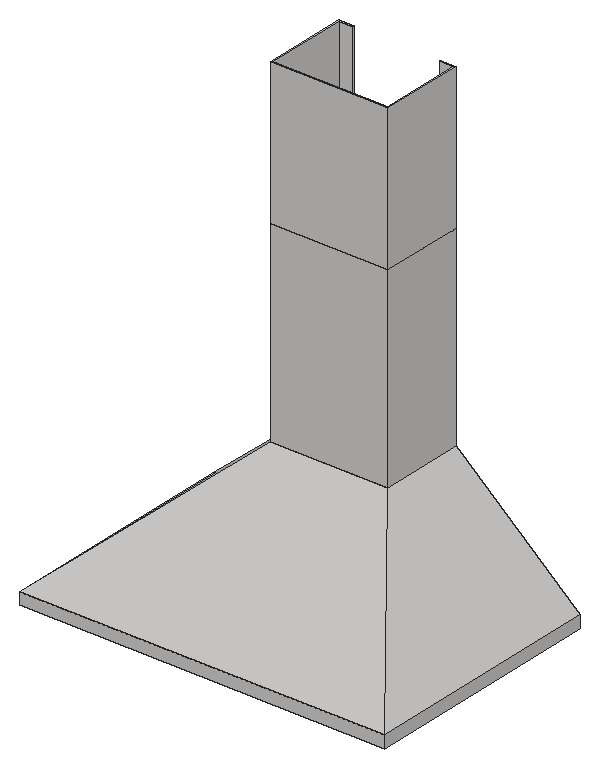
Revit family "Qf_Summit_SEH1530SS_30 inches Wide Wall-Mounted Range Hood", category Specialty Equipment, Revit 2020
Family settings
  Round Connector Dimension = Use Diameter
  Part Type = Normal
  Work Plane-Based = No
  Always vertical = Yes
  Cut with Voids When Loaded = No
  Shared = No
  Room Calculation Point = No
Parameters
  Weight in Pounds = 40
  Watts = FL Amps * Volts  # 299 W
  Volts = 115 V
  Ventilation Remarks = ""
  URL Cutsheet = ""
  Specification by User = ""
  Specification by Manufacturer = ""
  Show Clearance [instance] = yes
  Show Casters [instance] = yes
  Serial Number = ""
  Seismic Rating = ""
  SMACNA No = ""
  Revision Code = ""
  Phase = 1
  Number of Poles = 1
  NAFEM Spec ID Number = ""
  Model = "SEH1530SS"
  Min Ckt Ampacity = 0 A
  Max Overcurrent Protection = 0 A
  Masterspec = ""
  Manufacturer = "Summit"
  MU Air Volume = 0 CFM
  Length = 29 1/2"
  Item Number = ""
  Installed By = ""
  Identify Quantity as Lot = yes
  Height = 37 1/4"
  HP = ""
  Furnished By = ""
  Foodservice Equipment Identifier = yes
  FL Amps = 2.6 A
  Exhaust Volume = 200 CFM
  Exhaust Vent Width = 9 1/2"
  Exhaust Vent Diameter = 0"
  Exhaust Vent Depth = 6 7/8"
  Exhaust Static Press = 0.00 in-wg
  Exhaust RI Height = 0"
  Electrical Remarks = ""
  Electric Connection Type = ""
  Elec Conn RI Height = 0"
  Elec Conn Connection Height = 0"
  Description = "30\" Wide Wall-Mounted Range Hood"
  Depth = 19 11/16"
  Default Elevation = 0"
  Cycle = 60 Hz
  Conn Plug = ""
  Conn Conduit = yes
  CSI MasterFormat = ""
  Base Height [instance] = 3/4"
  Apparent Power = 828 VA
Reference planes (in)
  plane 1: z = 0
  plane 2 "LEFT": x = 0
  plane 3 "RIGHT": x = 29.5
  plane 4 "FRONT": y = -20.4375
  plane 5 "TOP": z = 37.25
  plane 6 "Center Y": x = 14.75
  plane 7 "Center X": y = -10.59375
  plane 8 "BACK": y = -0.75
  plane 9: z = 25.5
  plane 10: z = 9.75
  plane 11: y = -7.625
  plane 12: x = 10
  plane 13: x = 19.5
  plane 14: z = 1
Forms (in)
  Extrusion 1, solid, material "QF_Metal_Stainless_Polished"
    sketch origin (0, 0, 0) x (1, 0, 0) y (0, 1, 0)
      loop
        line (10, -0.75) -> (10, -7.625) -> (19.5, -7.625) -> (19.5, -0.75) -> (18.27149, -0.75) -> (18.27149, -0.875) -> (19.375, -0.875) -> (19.375, -7.5) -> (10.125, -7.5) -> (10.125, -0.875) -> (11.22851, -0.875) -> (11.22851, -0.75) -> (10, -0.75)
    from 25.5 to 37.25
  Extrusion 2, solid, material "QF_Metal_Stainless_Polished"
    sketch origin (0, 0, 51) x (0, -1, 0) y (1, 0, 0)
      loop
        line (0.75, 10) -> (7.625, 10) -> (7.625, 19.5) -> (0.75, 19.5) -> (0.75, 10)
    from -41.25 to -25.5
  Blend 3, solid, material "QF_Metal_Stainless_Polished"
    base sketch origin (0, 0, 0) x (1, 0, 0) y (0, 1, 0)
      loop
        line (0, -0.75) -> (0, -20.4375) -> (29.5, -20.4375) -> (29.5, -0.75) -> (0, -0.75)
    top sketch origin (0, 0, 0) x (1, 0, 0) y (0, 1, 0)
      loop
        line (10, -0.75) -> (10, -7.625) -> (19.5, -7.625) -> (19.5, -0.75) -> (10, -0.75)
    from 1 to 9.75
  Extrusion 4, solid, material "QF_Metal_Stainless_Polished"
    sketch origin (0, 0, 0) x (1, 0, 0) y (0, 1, 0)
      loop
        line (0, -0.75) -> (0, -20.4375) -> (29.5, -20.4375) -> (29.5, -0.75) -> (0, -0.75)
      loop
        line (2, -18.4375) -> (27.5, -18.4375) -> (27.5, -2.75) -> (2, -2.75) -> (2, -18.4375)
    from 0 to 1
  Extrusion 5, solid, material "QF_Metal_Stainless_Polished"
    sketch origin (10, -0.75, 51) x (1, 0, 0) y (0, 0, -1)
      loop
        circle (4.75, 40.16486) r 0.25
    from 0 to 0.06876
  Extrusion 6, solid, material "QF_Metal_Stainless_Polished"
    sketch origin (0, 0, 0) x (1, 0, 0) y (0, 1, 0)
      loop
        line (2.125, -2.875) -> (2.125, -18.3125) -> (27.375, -18.3125) -> (27.375, -2.875) -> (2.125, -2.875)
      loop
        line (14.34099, -3.29819) -> (2.68231, -3.29819) -> (2.68231, -15.52861) -> (6.32415, -15.52861) -> (6.32415, -14.27861) -> (10.57415, -14.27861) -> (10.57415, -15.52861) -> (14.34099, -15.52861) -> (14.34099, -3.29819)
      loop
        line (15.15901, -3.29819) -> (15.15901, -15.52861) -> (18.92585, -15.52861) -> (18.92585, -14.27861) -> (23.17585, -14.27861) -> (23.17585, -15.52861) -> (26.81769, -15.52861) -> (26.81769, -3.29819) -> (15.15901, -3.29819)
    from 0 to 1
  Extrusion 7, solid, material "QF_Plastic_White_Smooth"
    sketch origin (0, 0, 0) x (1, 0, 0) y (0, 1, 0)
      loop
        line (2.55731, -3.17319) -> (2.55731, -15.52861) -> (6.32415, -15.52861) -> (6.32415, -14.27861) -> (10.57415, -14.27861) -> (10.57415, -15.52861) -> (14.34099, -15.52861) -> (14.34099, -3.17319) -> (2.55731, -3.17319)
      loop
        line (15.15901, -15.52861) -> (18.92585, -15.52861) -> (18.92585, -14.27861) -> (23.17585, -14.27861) -> (23.17585, -15.52861) -> (26.94269, -15.52861) -> (26.94269, -3.17319) -> (15.15901, -3.17319) -> (15.15901, -15.52861)
    from 0 to 1
Cuts and joins
  joined: Extrusion 2, Extrusion 5
Lines and regions (in)
  Split face 1
    outline origin (0, 0, 0) x (1, 0, 0) y (0, 1, 0)
      loop
        line (12.375, -16.30806) -> (12.375, -17.49556) -> (17.125, -17.49556) -> (17.125, -16.30806) -> (12.375, -16.30806)
  Split face 2
    outline origin (-6, 0, 0) x (1, 0, 0) y (0, 1, 0)
      loop
        line (13.125, -14.72055) -> (13.125, -15.34414) -> (15.625, -15.34414) -> (15.625, -14.72055) -> (13.125, -14.72055)
  Split face 3
    outline origin (35.5, 0, 0) x (0, 1, 0) y (-1, 0, 0)
      loop
        line (-14.72055, 13.125) -> (-14.72055, 15.625) -> (-15.34414, 15.625) -> (-15.34414, 13.125) -> (-14.72055, 13.125)
  Split face 4
    outline origin (0, 0, 0) x (1, 0, 0) y (0, 1, 0)
      loop
        spline (10.48146, -1.75916) -> (10.44099, -1.56505) -> (10.32236, -1.38416) -> (10.13364, -1.22883) -> (9.88771, -1.10964) -> (9.6013, -1.03472) -> (9.29396, -1.00916) -> (8.98661, -1.03472) -> (8.70021, -1.10964) -> (8.45427, -1.22883) -> (8.26555, -1.38416) -> (8.14692, -1.56505) -> (8.10646, -1.75916)
        spline (8.10646, -1.75916) -> (8.14692, -1.95328) -> (8.26555, -2.13416) -> (8.45427, -2.28949) -> (8.70021, -2.40868) -> (8.98661, -2.48361) -> (9.29396, -2.50916) -> (9.6013, -2.48361) -> (9.88771, -2.40868) -> (10.13364, -2.28949) -> (10.32236, -2.13416) -> (10.44099, -1.95328) -> (10.48146, -1.75916)
  Split face 5
    outline origin (29.5, 0, 0) x (0, 1, 0) y (-1, 0, 0)
      loop
        spline (-1.75916, 10.48146) -> (-1.95328, 10.44099) -> (-2.13416, 10.32236) -> (-2.28949, 10.13364) -> (-2.40868, 9.88771) -> (-2.48361, 9.6013) -> (-2.50916, 9.29396) -> (-2.48361, 8.98661) -> (-2.40868, 8.70021) -> (-2.28949, 8.45427) -> (-2.13416, 8.26555) -> (-1.95328, 8.14692) -> (-1.75916, 8.10646)
        spline (-1.75916, 8.10646) -> (-1.56505, 8.14692) -> (-1.38416, 8.26555) -> (-1.22883, 8.45427) -> (-1.10964, 8.70021) -> (-1.03472, 8.98661) -> (-1.00916, 9.29396) -> (-1.03472, 9.6013) -> (-1.10964, 9.88771) -> (-1.22883, 10.13364) -> (-1.38416, 10.32236) -> (-1.56505, 10.44099) -> (-1.75916, 10.48146)
  symbolic lines, style "SpecialityEquipment"
    curve 1: line (0, -20.4375, 0) -> (0, -0.75, 0)
    curve 2: line (0, -0.75, 0) -> (29.5, -0.75, 0)
    curve 3: line (29.5, -0.75, 0) -> (29.5, -20.4375, 0)
    curve 4: line (29.5, -20.4375, 0) -> (0, -20.4375, 0)
    curve 5: line (0, -20.4375, 0) -> (10, -7.625, 0)
    curve 6: line (29.5, -20.4375, 0) -> (19.5, -7.625, 0)
    curve 7: line (10, -7.625, 0) -> (19.5, -7.625, 0)
    curve 8: line (19.5, -7.625, 0) -> (19.5, -0.75, 0)
    curve 9: line (19.5, -0.75, 0) -> (18.27149, -0.75, 0)
    curve 10: line (18.27149, -0.75, 0) -> (18.27149, -0.875, 0)
    curve 11: line (18.27149, -0.875, 0) -> (19.375, -0.875, 0)
    curve 12: line (19.375, -0.875, 0) -> (19.375, -7.5, 0)
    curve 13: line (19.375, -7.5, 0) -> (10.125, -7.5, 0)
    curve 14: line (10.125, -7.5, 0) -> (10.125, -0.875, 0)
    curve 15: line (10.125, -0.875, 0) -> (11.22851, -0.875, 0)
    curve 16: line (11.22851, -0.875, 0) -> (11.22851, -0.75, 0)
    curve 17: line (11.22851, -0.75, 0) -> (10, -0.75, 0)
    curve 18: line (10, -0.75, 0) -> (10, -7.625, 0)
Dimensions and locks (in)
  equal spacing: plane 2 "LEFT", plane 6 "Center Y", plane 3 "RIGHT"
  "Length": plane 2 "LEFT" to plane 3 "RIGHT"
  equal spacing: plane 4 "FRONT", plane 7 "Center X", plane 8 "BACK"
  "Height": plane 5 "TOP" to level
  plane 3 "RIGHT" to plane 2 "LEFT" = 29 1/2"
  plane 5 "TOP" to level = 37 1/4"
  "Depth": plane 4 "FRONT" to plane 8 "BACK"
  plane 9 to plane 10 to level = 15 3/4", 9 3/4"
  plane 8 "BACK" to plane 11 = 6 7/8"
  plane 12 to plane 13 = 9 1/2"
  locked: plane 14 to level at 1
  plane 12 to plane 6 "Center Y" to plane 13 = 4 3/4" locked, 4 3/4" locked
  aligned and locked: level to plane 1
  aligned and locked: plane 5 "TOP" to Extrusion 1
  aligned and locked: Extrusion 1 to plane 9
  aligned and locked: Extrusion 2 to plane 10
  aligned and locked: plane 9 to Extrusion 2
  aligned and locked: Extrusion 4 to Blend 3
  aligned and locked: plane 10 to Blend 3
  aligned and locked: Extrusion 7 to plane 14
Automatic sketch dimensions
  curve 1 to plane 2 "LEFT" = 0"
  curve 7 to plane 11 = 0"
  curve 7 to plane 12 = 0"
  plane 8 "BACK" to curve 16 = 0"
  plane 8 "BACK" to curve 9 = 0"
  curve 9 to plane 13 = 0"
  curve 4 to plane 3 "RIGHT" = 0"
  plane 4 "FRONT" to curve 1 = 0"
  plane 8 "BACK" to curve 2 = 0"
  curve 14 to plane 12 = 1/8"
  plane 8 "BACK" to curve 16 = 1/8"
  curve 14 to curve 16 = 1.10351"
  curve 9 to curve 8 = 1.22851"
  curve 12 to plane 13 = 1/8"
  plane 11 to curve 12 = 1/8"
  plane 8 "BACK" to curve 10 = 1/8"
  Extrusion 1 sketch curve to plane 11 = 0"
  Extrusion 1 sketch curve to plane 12 = 0"
  plane 8 "BACK" to Extrusion 1 sketch curve = 0"  (x2)
  Extrusion 1 sketch curve to plane 13 = 0"
  Extrusion 1 sketch curve to plane 12 = 1/8"
  plane 8 "BACK" to Extrusion 1 sketch curve = 1/8"  (x2)
  Extrusion 1 sketch curve to Extrusion 1 sketch curve = 1.10351"
  Extrusion 1 sketch curve to Extrusion 1 sketch curve = 1.22851"
  Extrusion 1 sketch curve to plane 13 = 1/8"
  plane 11 to Extrusion 1 sketch curve = 1/8"
  plane 8 "BACK" to Extrusion 2 sketch curve = 0"
  Extrusion 2 sketch curve to plane 11 = 0"
  Extrusion 2 sketch curve to plane 12 = 0"
  Extrusion 2 sketch curve to plane 13 = 0"
  Blend 3 sketch curve to plane 2 "LEFT" = 0"
  Blend 3 sketch curve to plane 3 "RIGHT" = 0"
  plane 4 "FRONT" to Blend 3 sketch curve = 0"
  plane 8 "BACK" to Blend 3 sketch curve = 0"  (x2)
  Blend 3 sketch curve to plane 11 = 0"
  Blend 3 sketch curve to plane 12 = 0"
  Blend 3 sketch curve to plane 13 = 0"
  Extrusion 4 sketch curve to plane 2 "LEFT" = 0"
  Extrusion 4 sketch curve to plane 3 "RIGHT" = 0"
  plane 4 "FRONT" to Extrusion 4 sketch curve = 0"
  plane 8 "BACK" to Extrusion 4 sketch curve = 0"
  plane 2 "LEFT" to Extrusion 4 sketch curve = 2"
  plane 3 "RIGHT" to Extrusion 4 sketch curve = 2"
  Extrusion 4 sketch curve to plane 4 "FRONT" = 2"
  plane 8 "BACK" to Extrusion 4 sketch curve = 2"
  Extrusion 2 to Extrusion 5 sketch curve = 1.08514"
  Extrusion 5 sketch curve to Extrusion 2 = 4 3/4"
  plane 2 "LEFT" to Extrusion 6 sketch curve = 2 1/8"
  plane 2 "LEFT" to Extrusion 6 sketch curve = 2.68231"
  Extrusion 6 sketch curve to Extrusion 6 sketch curve = 3.64184"
  Extrusion 6 sketch curve to plane 12 = 0.57415"
  Extrusion 6 sketch curve to plane 6 "Center Y" = 0.40901"
  plane 6 "Center Y" to Extrusion 6 sketch curve = 0.40901"
  Extrusion 6 sketch curve to plane 13 = 0.57415"
  plane 13 to Extrusion 6 sketch curve = 3.67585"
  plane 3 "RIGHT" to Extrusion 6 sketch curve = 2.68231"
  Extrusion 6 sketch curve to Extrusion 6 sketch curve = 0.55731"
  Extrusion 6 sketch curve to plane 4 "FRONT" = 2 1/8"
  Extrusion 6 sketch curve to plane 4 "FRONT" = 4.90889"
  Extrusion 6 sketch curve to Extrusion 6 sketch curve = 0"  (x2)
  Extrusion 6 sketch curve to Extrusion 6 sketch curve = 2.78389"
  Extrusion 6 sketch curve to Extrusion 6 sketch curve = 1 1/4"  (x2)
  plane 8 "BACK" to Extrusion 6 sketch curve = 2.54819"  (x2)
  Extrusion 6 sketch curve to Extrusion 6 sketch curve = 0.42319"
  plane 2 "LEFT" to Extrusion 7 sketch curve = 2.55731"
  plane 12 to Extrusion 7 sketch curve = 3.67585"
  Extrusion 7 sketch curve to plane 12 = 0.57415"
  Extrusion 7 sketch curve to plane 6 "Center Y" = 0.40901"
  plane 6 "Center Y" to Extrusion 7 sketch curve = 0.40901"
  Extrusion 7 sketch curve to plane 13 = 0.57415"
  plane 13 to Extrusion 7 sketch curve = 3.67585"
  plane 3 "RIGHT" to Extrusion 7 sketch curve = 2.55731"
  Extrusion 7 sketch curve to plane 4 "FRONT" = 4.90889"
  Extrusion 7 sketch curve to Extrusion 7 sketch curve = 0"  (x3)
  Extrusion 7 sketch curve to Extrusion 7 sketch curve = 1 1/4"  (x2)
  plane 8 "BACK" to Extrusion 7 sketch curve = 2.42319"  (x2)
  Split face 1 sketch curve to Extrusion 6 = 0.81694"
  Extrusion 6 to Split face 1 sketch curve = 1.80085"  (x2)
  Split face 1 sketch curve to Extrusion 6 = 0.77945"
  Extrusion 6 to Split face 2 sketch curve = 0.18446"
  Split face 2 sketch curve to Extrusion 6 = 0.80085"
  Split face 2 sketch curve to Extrusion 6 = 0.94915"
  Split face 2 sketch curve to Extrusion 6 = 0.44194"
  Extrusion 6 to Split face 3 sketch curve = 0.18446"
  Split face 3 sketch curve to Extrusion 6 = 0.44194"
  Split face 3 sketch curve to Extrusion 6 = 0.80085"
  Split face 3 sketch curve to Extrusion 6 = 0.94915"
  Split face 4 sketch curve to Extrusion 4 = 0.99084"
  Extrusion 4 to Split face 4 sketch curve = 7.29396"
  Split face 4 sketch curve to Split face 4 sketch curve = 1 3/16"
  Split face 5 sketch curve to Extrusion 4 = 0.99084"
  Extrusion 4 to Split face 5 sketch curve = 7.29396"
  Split face 5 sketch curve to Split face 5 sketch curve = 1 3/16"
  radius of Extrusion 5 sketch curve = 1/4"
Connectors (in)
  electrical at (14.75, -0.68124, 10.83514), driven by "Volts", driven by "Apparent Power"
    settings: on cut or joined group of Extrusion 2, Extrusion 5, index 1, voltage 115 V, apparent load 828 VA, apparent load phase1 0 VA, apparent load phase2 0 VA, apparent load phase3 0 VA, power factor 1, load classification "Other", number of poles 1, system type 30, power factor state 1, is connector primary yes, connector utility no, sub classification motor no, connector description "Electrical Inlet"
  hvac at (14.75, -3.0625, 37.25)
    settings: on Extrusion 1, index 2, duct flow 0 CFM, flow factor 0, pres drop 0.00 in-wg, loss coef 0, conn angle 0.00°, conn width 9 1/2", conn height 6 7/8", conn diameter 24", duct sys type 1, conn prof type 1, flow config 0, flow direction 0, loss method 0, conn ref index -1, conn util no, is conn primary yes, conn desc ""
